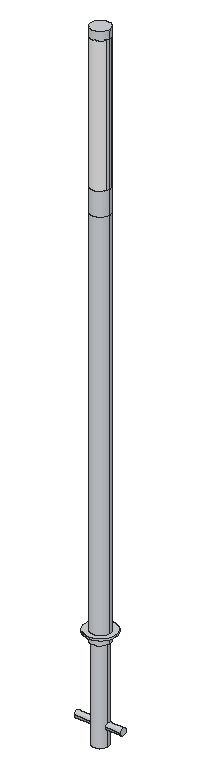
Revit family "Focus Lighting Sticks3000", category Lighting Fixtures, Revit 2014
Parameters
  Wattage = 150 W
  built-in parameter 1150110 = 1 (stored number, unit not read)
  built-in parameter 1114217 = 2.44 (stored number, unit not read)
  built-in parameter 1150109 = 1 (stored number, unit not read)
  built-in parameter 1150134 = (empty or 0)
  built-in parameter 1150113 = 1 (stored number, unit not read)
  Mast = none
  Lumens = 22281.3 lm
  built-in parameter 1150115 = 1 (stored number, unit not read)
  built-in parameter 1150105 = 1773.1 (stored number, unit not read)
  Light Source Symbol Size = 1500 mm
  built-in parameter 1150137 = (empty or 0)
  built-in parameter 1150139 = (empty or 0)
  built-in parameter 1150112 = 1 (stored number, unit not read)
  built-in parameter 1150114 = 1 (stored number, unit not read)
  built-in parameter 1150132 = (empty or 0)
  built-in parameter 1150102 = (empty or 0)
  built-in parameter 1150138 = (empty or 0)
  built-in parameter 1150107 = 3000 (stored number, unit not read)
  built-in parameter 1150106 = 17.731 (stored number, unit not read)
  Heigth = 3500 mm
  Glass Mat. = Sticks 3000 Glass
  Emit from Circle Diameter = 609.6 mm
  Emit Shape Visible in Rendering = no
  built-in parameter 1150104 = 13.8 (stored number, unit not read)
  Dimming Lamp Color Temperature Shift = (empty or 0)
  Color Filter = 16777215
  built-in parameter 1114218 = 1 (stored number, unit not read)
  built-in parameter 1150133 = 10 (stored number, unit not read)
Reference planes
  plane 1 "Light Source Axis (F/B)": y = 0
  plane 2: z = 0
  plane 3 "Light Source Axis (L/R)": x = 0
  plane 4 "Light Source Elevation": z = 2805
  plane 5: z = 3500
  plane 6: x = 360
  plane 7: x = -360
  plane 8: x = 40
  plane 9: x = -40
  plane 10: x = 340
  plane 11: x = -340
  plane 12: z = 3450
  plane 13: z = 2580
  plane 14: z = 2430
Forms (mm)
  Extrusion 1, solid, material <- "Mast"
    sketch origin (0, 0, 0) x (1, 0, 0) y (0, 1, 0)
      loop
        circle (0, 0) r 97.5
      loop
        circle (0, 0) r 60
    from 0 to 10
  Extrusion 2, solid
    sketch origin (0, 0, 0) x (1, 0, 0) y (0, 1, 0)
      loop
        circle (0, 0) r 50
    from -650.095 to -50
  Extrusion 3, solid, material <- "Mast"
    sketch origin (0, 0, 0) x (1, 0, 0) y (0, 1, 0)
      loop
        circle (0, 0) r 60
    from -50 to 2430
  Extrusion 4, solid
    sketch origin (0, 0, 2761.873) x (1, 0, 0) y (0, 1, 0)
      loop
        circle (0, 0) r 60
    from 688.127 to 738.127
  Extrusion 5, solid, material "Sticks 3000 Glass" <- "Glass Mat."
    sketch origin (0, 0, 2711.873) x (1, 0, 0) y (0, 1, 0)
      loop
        arc (-56.569, -20) -> (0, -60) -> (56.569, -20) r 60
        line (56.569, -20) -> (51.235, -20)
        arc (51.235, -20) -> (54.05, -10.176) -> (55, 0) r 55
        arc (55, 0) -> (54.05, 10.176) -> (51.235, 20) r 55
        line (51.235, 20) -> (56.569, 20)
        arc (56.569, 20) -> (0, 60) -> (-56.569, 20) r 60
        line (-56.569, 20) -> (-51.235, 20)
        arc (-51.235, 20) -> (-54.05, 10.176) -> (-55, 0) r 55
        arc (-55, 0) -> (-54.05, -10.176) -> (-51.235, -20) r 55
        line (-51.235, -20) -> (-56.569, -20)
    from -131.873 to 738.127
  Extrusion 6, solid
    sketch origin (0, 0, 1841.873) x (1, 0, 0) y (0, 1, 0)
      loop
        circle (0, 0) r 60
    from 588.127 to 738.127
  Extrusion 7, solid
    sketch origin (0, 0, 0) x (1, 0, 0) y (0, 1, 0)
      loop
        arc (-55, 0) -> (-54.05, 10.176) -> (-51.235, 20) r 55
        line (-51.235, 20) -> (-56.569, 20)
        arc (-56.569, 20) -> (-59.136, 10.146) -> (-60, 0) r 60
        arc (-60, 0) -> (-59.136, -10.146) -> (-56.569, -20) r 60
        line (-56.569, -20) -> (-51.235, -20)
        arc (-51.235, -20) -> (-54.05, -10.176) -> (-55, 0) r 55
      loop
        arc (55, 0) -> (54.05, -10.176) -> (51.235, -20) r 55
        line (51.235, -20) -> (56.569, -20)
        arc (56.569, -20) -> (59.136, -10.146) -> (60, 0) r 60
        arc (60, 0) -> (59.136, 10.146) -> (56.569, 20) r 60
        line (56.569, 20) -> (51.235, 20)
        arc (51.235, 20) -> (54.05, 10.176) -> (55, 0) r 55
    from 2580 to 3450
  Extrusion 8, solid
    sketch origin (0, 0, 0) x (0, 1, 0) y (0, 0, 1)
      loop
        circle (0, -530.24) r 20
    from -150 to 150
Cuts and joins
  joined: Extrusion 2, Extrusion 8
Dimensions and locks
  "Heigth": plane 5 to plane 2
  plane 6 to imposter light to plane 7 = 360 mm, 360 mm
  plane 6 to plane 7 = 720 mm
  locked: plane 6 to plane 10 at 20
  locked: plane 7 to plane 11 at 20
  locked: plane 2 to Extrusion 2 at 650.095
  locked: plane 2 to Extrusion 3 at 50
  plane 5 to plane 12 to plane 13 to plane 14 = 50 mm locked, 870 mm locked, 150 mm locked
  aligned and locked: plane 3 "Light Source Axis (L/R)" to imposter light
  aligned and locked: imposter light to plane 1 "Light Source Axis (F/B)"
  aligned and locked: plane 4 "Light Source Elevation" to imposter light
  aligned and locked: level to plane 2
  aligned and locked: Extrusion 3 to Extrusion 2
  aligned and locked: plane 5 to Extrusion 4
  aligned and locked: Extrusion 4 to plane 12
  aligned and locked: Extrusion 5 to Extrusion 4
  aligned and locked: plane 14 to Extrusion 3
  aligned and locked: Extrusion 6 to Extrusion 3
  aligned and locked: Extrusion 6 to Extrusion 5
  aligned and locked: Extrusion 7 to Extrusion 5
  aligned and locked: Extrusion 7 to Extrusion 4
  aligned and locked: Extrusion 7 to plane 13
Automatic sketch dimensions
  plane 1 "Light Source Axis (F/B)" to Extrusion 2 sketch curve = 0 mm
  Extrusion 2 sketch curve to plane 3 "Light Source Axis (L/R)" = 0 mm
  plane 1 "Light Source Axis (F/B)" to Extrusion 3 sketch curve = 0 mm
  Extrusion 3 sketch curve to plane 3 "Light Source Axis (L/R)" = 0 mm
  plane 1 "Light Source Axis (F/B)" to Extrusion 4 sketch curve = 0 mm
  Extrusion 4 sketch curve to plane 3 "Light Source Axis (L/R)" = 0 mm
  plane 1 "Light Source Axis (F/B)" to Extrusion 6 sketch curve = 0 mm
  Extrusion 6 sketch curve to plane 3 "Light Source Axis (L/R)" = 0 mm
  Extrusion 5 sketch curve to Extrusion 5 sketch curve = 0 mm  (x8)
  plane 1 "Light Source Axis (F/B)" to Extrusion 5 sketch curve = 0 mm
  Extrusion 5 sketch curve to plane 3 "Light Source Axis (L/R)" = 0 mm
  plane 9 to Extrusion 5 sketch curve = 11.235 mm  (x2)
  Extrusion 5 sketch curve to Extrusion 5 sketch curve = 5.334 mm  (x3)
  plane 8 to Extrusion 5 sketch curve = 11.235 mm  (x2)
  Extrusion 5 sketch curve to plane 1 "Light Source Axis (F/B)" = 20 mm
  Extrusion 7 sketch curve to Extrusion 7 sketch curve = 0 mm  (x56)
  plane 1 "Light Source Axis (F/B)" to Extrusion 7 sketch curve = 0 mm
  Extrusion 7 sketch curve to plane 3 "Light Source Axis (L/R)" = 0 mm
  plane 9 to Extrusion 7 sketch curve = 11.235 mm  (x2)
  Extrusion 7 sketch curve to Extrusion 7 sketch curve = 5.334 mm  (x2)
  plane 8 to Extrusion 7 sketch curve = 11.235 mm  (x2)
  plane 1 "Light Source Axis (F/B)" to Extrusion 7 sketch curve = 20 mm  (x2)
  Extrusion 1 sketch curve to Extrusion 1 sketch curve = 0 mm  (x2)
  plane 1 "Light Source Axis (F/B)" to Extrusion 1 sketch curve = 0 mm
  Extrusion 1 sketch curve to plane 3 "Light Source Axis (L/R)" = 0 mm
  Extrusion 8 sketch curve to plane 1 "Light Source Axis (F/B)" = 0 mm
  Extrusion 8 sketch curve to level = 530.24 mm
  radius of Extrusion 2 sketch curve = 50 mm
  radius of Extrusion 3 sketch curve = 60 mm
  radius of Extrusion 4 sketch curve = 60 mm
  radius of Extrusion 6 sketch curve = 60 mm
  radius of Extrusion 1 sketch curve = 97.5 mm
  radius of Extrusion 1 sketch curve = 60 mm
  radius of Extrusion 8 sketch curve = 20 mm
